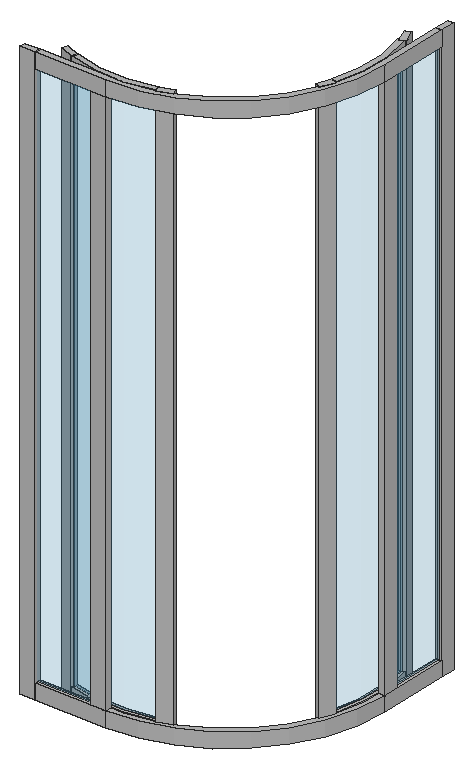
Revit family
Parameters (values of type "Ifö Solid, Clear glass, Aluminium profiles, 800mmx800mm")
  Width = 800.0 mm
  W1 = 289.7 mm
  Vertical Profile Width = 20.0 mm
  Vertical Profile Height = 50.0 mm
  VVS Number = "673863082"
  URL = "www.maxsibbern.dk"
  Reseller = "Max Sibbern A/S"
  Radius = 490.3 mm
  Profiles Top_Bottom = yes
  Profile Material = Ifö_Aluminium
  Pane Material = Ifö_Glass
  Pane Height = if(Profiles Top_Bottom, (Height - 100.0 mm), Height)  # 1850.0 mm
  Model = "IFO_Shower Corner, Round"
  Manufacturer = "Ifö"
  Ifö Number = "0607081"
  Height = 1950.0 mm
  Handles = no
  Frame Profie Width = 20.0 mm
  Frame Profie Height = 50.0 mm
  CE Labeling = "yes"
  Assembly Code = "D2010"
Types (5, lengths in mm): name | VVS Number | Profile Material | Pane Material | Ifö Number
  Ifö Solid, Clear glass, White profiles, 800mmx800mm | "673863080" | Ifö_White Aluminium | Ifö_Glass | "0607080"
  Ifö Solid, Clear glass, Aluminium profiles, 800mmx800mm | "673863082" | Ifö_Aluminium | Ifö_Glass | "0607081"
  Ifö Solid, Printed glass, White profiles, 800mmx800mm | "673863280" | Ifö_White Aluminium | Ifö_Printed Glass | "0607082"
  Ifö Solid, Printed glass, Aluminium profiles, 800mmx800mm | "673863282" | Ifö_Aluminium | Ifö_Printed Glass | "0607085"
  Ifö Solid, Toned glass, Aluminium profiles, 800mmx800mm | "673863482" | Ifö_Aluminium | Ifö_Toned Glass | "0607083"
Reference planes
  plane 1 "Center (Front/Back)": y = 0
  plane 2: z = 0
  plane 3 "Center (Left/Right)": x = 0
  plane 4: x = 800
  plane 5: y = -800
  plane 6: z = 1950
  plane 7: x = 50
  plane 8: y = -50
  plane 9: y = -790
  plane 10: y = -810
  plane 11: x = 790
  plane 12: x = 810
  plane 13: z = 50
  plane 14: z = 1900
  plane 15: x = 289.7
  plane 16: y = -289.7
  plane 17: x = 239.7
  plane 18: y = -239.7
  plane 19: y = -790
  plane 20: y = -810
  plane 21: x = 790
  plane 22: x = 810
  plane 23: y = -798
  plane 24: y = -802
  plane 25: x = 798
  plane 26: x = 802
  plane 27: x = 189.7
  plane 28: y = -189.7
  plane 29: y = -770
  plane 30: x = 770
  plane 31: y = -780
  plane 32: x = 780
  plane 33: z = 1900
  plane 34: z = 50
  plane 35: y = -790
  plane 36: y = -810
  plane 37: x = 790
  plane 38: x = 810
  plane 39: z = 975
  plane 40: z = 1900
  plane 41: z = 50
Forms (mm)
  Extrusion 1, solid, material "Ifö_Aluminium" <- "Profile Material"
    sketch origin (0, 0, 0) x (1, 0, 0) y (0, 1, 0)
      loop
        line (50, -790) -> (50, -810) -> (289.7, -810)
        arc (289.7, -810) -> (657.608, -657.608) -> (810, -289.7) r 520.3
        line (810, -289.7) -> (810, -50) -> (790, -50) -> (790, -289.7)
        arc (790, -289.7) -> (643.466, -643.466) -> (289.7, -790) r 500.3
        line (289.7, -790) -> (50, -790)
    from 0 to 50
  Extrusion 2, solid, material "Ifö_Aluminium" <- "Profile Material"
    sketch origin (1110, -1524, 1850) x (0, -1, 0) y (-1, 0, 0)
      loop
        line (-734, 1060) -> (-734, 820.3)
        arc (-734, 820.3) -> (-880.534, 466.534) -> (-1234.3, 320) r 500.3
        line (-1234.3, 320) -> (-1474, 320) -> (-1474, 300) -> (-1234.3, 300)
        arc (-1234.3, 300) -> (-866.392, 452.392) -> (-714, 820.3) r 520.3
        line (-714, 820.3) -> (-714, 1060) -> (-734, 1060)
    from -100 to -50
  Extrusion 3, solid, material "Ifö_Aluminium" <- "Profile Material"
    sketch origin (1110, -1524, 1850) x (0, -1, 0) y (-1, 0, 0)
      loop
        line (-734, 1110) -> (-734, 1060) -> (-714, 1060) -> (-714, 1110) -> (-734, 1110)
    from -100 to 1850
  Extrusion 4, solid, material "Ifö_Aluminium" <- "Profile Material"
    sketch origin (1110, -1524, 1850) x (0, -1, 0) y (-1, 0, 0)
      loop
        line (-1524, 300) -> (-1474, 300) -> (-1474, 320) -> (-1524, 320) -> (-1524, 300)
    from -100 to 1850
  Extrusion 5, solid, material "Ifö_Aluminium" <- "Profile Material"
    sketch origin (1110, -1524, 1850) x (0, -1, 0) y (-1, 0, 0)
      loop
        line (-734, 870.3) -> (-734, 820.3) -> (-714, 820.3) -> (-714, 870.3) -> (-734, 870.3)
    from -50 to 1800
  Extrusion 6, solid, material "Ifö_Aluminium" <- "Profile Material"
    sketch origin (1110, -1524, 1850) x (0, -1, 0) y (-1, 0, 0)
      loop
        line (-1284.3, 320) -> (-1284.3, 300) -> (-1234.3, 300) -> (-1234.3, 320) -> (-1284.3, 320)
    from -50 to 1800
  Extrusion 7, solid, material "Ifö_Glass" <- "Pane Material"
    sketch origin (0, 0, 0) x (1, 0, 0) y (0, 1, 0)
      loop
        line (50, -798) -> (50, -802) -> (239.7, -802) -> (239.7, -798) -> (50, -798)
    from 50 to 1900
  Extrusion 8, solid, material "Ifö_Glass" <- "Pane Material"
    sketch origin (0, 0, 0) x (1, 0, 0) y (0, 1, 0)
      loop
        line (802, -239.7) -> (802, -50) -> (798, -50) -> (798, -239.7) -> (802, -239.7)
    from 50 to 1900
  Extrusion 9, solid, material "Ifö_Aluminium" <- "Profile Material"
    sketch origin (0, 0, 0) x (1, 0, 0) y (0, 1, 0)
      loop
        line (98.054, -730.109) -> (90.073, -748.448) -> (135.921, -768.398) -> (143.901, -750.059) -> (98.054, -730.109)
    from 0 to 1950 <- "Height"
  Extrusion 10, solid, material "Ifö_Aluminium" <- "Profile Material"
    sketch origin (0, 0, 0) x (1, 0, 0) y (0, 1, 0)
      loop
        line (465.602, -736.63) -> (419.075, -754.942) -> (426.4, -773.552) -> (472.926, -755.241) -> (465.602, -736.63)
    from 0 to 1950 <- "Height"
  Sweep 11, solid, material "Ifö_Glass" <- "Pane Material"
    path origin (0, 0, 0) x (1, 0, 0) y (0, 1, 0)
      loop
        arc (141.016, -756.69) -> (281.021, -779.775) -> (421.774, -761.798) r 490.251
    profile origin (281.021, -779.775, 0) x (0.018191, 0.999835, 0) y (0, 0, 1)
      loop
        line (2, 50) -> (2, 1900) -> (-2, 1900) -> (-2, 50) -> (2, 50)
  Extrusion 12, solid, material "Ifö_Aluminium" <- "Profile Material"
    sketch origin (0, 0, 0) x (1, 0, 0) y (0, 1, 0)
      loop
        line (736.63, -113.798) -> (754.942, -160.325) -> (773.552, -153) -> (755.241, -106.474) -> (736.63, -113.798)
    from 0 to 1950 <- "Height"
  Extrusion 13, solid, material "Ifö_Aluminium" <- "Profile Material"
    sketch origin (0, 0, 0) x (1, 0, 0) y (0, 1, 0)
      loop
        line (730.109, -481.346) -> (748.448, -489.327) -> (768.398, -443.479) -> (750.059, -435.499) -> (730.109, -481.346)
    from 0 to 1950 <- "Height"
  Sweep 14, solid, material "Ifö_Glass" <- "Pane Material"
    path origin (0, 0, 0) x (1, 0, 0) y (0, 1, 0)
      loop
        arc (761.869, -157.598) -> (779.923, -298.398) -> (756.885, -438.469) r 490.3
    profile origin (779.923, -298.398, 0) x (0.999843, -0.017741, 0) y (0, 0, 1)
      loop
        line (2, 1900) -> (-2, 1900) -> (-2, 50) -> (2, 50) -> (2, 1900)
  Sweep 15, solid, material "Ifö_Aluminium" <- "Profile Material", visible <- "Profiles Top_Bottom"
    path origin (0, 0, 0) x (1, 0, 0) y (0, 1, 0)
      loop
        arc (140.951, -756.892) -> (281.009, -779.923) -> (421.794, -761.871) r 490.3
    profile origin (281.009, -779.923, 0) x (0.017727, 0.999843, 0) y (0, 0, 1)
      loop
        line (-10, 0) -> (10, 0) -> (10, 50) -> (-10, 50) -> (-10, 0)
  Sweep 16, solid, material "Ifö_Aluminium" <- "Profile Material", visible <- "Profiles Top_Bottom"
    path origin (0, 0, 0) x (1, 0, 0) y (0, 1, 0)
      loop
        arc (140.951, -756.892) -> (281.009, -779.923) -> (421.794, -761.871) r 490.3
    profile origin (281.009, -779.923, 0) x (0.017727, 0.999843, 0) y (0, 0, 1)
      loop
        line (-10, 1950) -> (-10, 1900) -> (10, 1900) -> (10, 1950) -> (-10, 1950)
  Sweep 17, solid, material "Ifö_Aluminium" <- "Profile Material", visible <- "Profiles Top_Bottom"
    path origin (0, 0, 0) x (1, 0, 0) y (0, 1, 0)
      loop
        arc (761.869, -157.598) -> (779.923, -298.398) -> (756.885, -438.469) r 490.3
    profile origin (779.923, -298.398, 0) x (0.999843, -0.017741, 0) y (0, 0, 1)
      loop
        line (10, 0) -> (10, 50) -> (-10, 50) -> (-10, 0) -> (10, 0)
  Sweep 18, solid, material "Ifö_Aluminium" <- "Profile Material", visible <- "Profiles Top_Bottom"
    path origin (0, 0, 0) x (1, 0, 0) y (0, 1, 0)
      loop
        arc (761.869, -157.598) -> (779.923, -298.398) -> (756.885, -438.469) r 490.3
    profile origin (779.923, -298.398, 0) x (0.999843, -0.017741, 0) y (0, 0, 1)
      loop
        line (10, 1950) -> (-10, 1950) -> (-10, 1900) -> (10, 1900) -> (10, 1950)
  Extrusion 19, solid, material "Ifö_Aluminium" <- "Profile Material", visible <- "Handles"
    sketch origin (370.483, -773.299, 0) x (0, 0, 1) y (-0.986333, -0.164763, 0)
      loop
        circle (975, 0) r 15
    from 0 to 20
  Extrusion 20, solid, material "Ifö_Aluminium" <- "Profile Material", visible <- "Handles"
    sketch origin (770.129, -387.589, 0) x (0, 0, 1) y (-0.199651, -0.979867, 0)
      loop
        circle (975, 0) r 15
    from 0 to 20
Lines and regions (mm)
  reference lines
    curve 1: arc (289.7, -800, 0) -> (650.537, -650.537, 0) -> (800, -289.7, 0) r 510.3
    curve 2: arc (289.7, -790, 0) -> (643.466, -643.466, 0) -> (790, -289.7, 0) r 500.3
    curve 3: arc (289.7, -810, 0) -> (657.608, -657.608, 0) -> (810, -289.7, 0) r 520.3
    curve 4: arc (94.064, -739.278, 0) -> (281.002, -779.923, 0) -> (469.264, -745.936, 0) r 490.3
    curve 5: arc (289.7, -780, 0) -> (636.394, -636.394, 0) -> (780, -289.7, 0) r 490.3
    curve 6: arc (745.936, -110.136, 0) -> (779.923, -298.398, 0) -> (739.278, -485.336, 0) r 490.3
    curve 7: line (289.7, -289.7, 0) -> (289.7, -289.7, 1950)
    curve 8: line (289.7, -289.7, 0) -> (94.064, -739.278, 0)
    curve 9: line (289.7, -289.7, 0) -> (469.264, -745.936, 0)
    curve 10: line (289.7, -289.7, 0) -> (739.278, -485.336, 0)
    curve 11: line (289.7, -289.7, 0) -> (745.936, -110.136, 0)
    curve 12: line (289.7, -289.7, 0) -> (370.483, -773.299, 0)
    curve 13: line (289.7, -289.7, 0) -> (770.129, -387.589, 0)
Dimensions and locks
  "Width": plane 3 "Center (Left/Right)" to plane 4
  "Width": plane 5 to plane 1 "Center (Front/Back)"
  "Height": plane 6 to level
  "Frame Profie Width": plane 9 to plane 10
  equal spacing: plane 9, plane 5, plane 10
  "Frame Profie Width": plane 11 to plane 12
  equal spacing: plane 11, plane 4, plane 12
  locked: plane 3 "Center (Left/Right)" to plane 7 at 50
  locked: plane 8 to plane 1 "Center (Front/Back)" at 50
  "Frame Profie Height": plane 6 to plane 14
  "Frame Profie Height": plane 13 to level
  "W1": plane 16 to plane 1 "Center (Front/Back)"
  "W1": plane 3 "Center (Left/Right)" to plane 15
  "Vertical Profile Height": plane 18 to plane 16
  "Vertical Profile Height": plane 17 to plane 15
  equal spacing: plane 19, plane 5, plane 20
  "Vertical Profile Width": plane 19 to plane 20
  "Vertical Profile Width": plane 21 to plane 22
  equal spacing: plane 21, plane 4, plane 22
  equal spacing: plane 24, plane 5, plane 23
  locked: plane 23 to plane 24 at 4
  equal spacing: plane 25, plane 4, plane 26
  locked: plane 25 to plane 26 at 4
  locked: plane 27 to plane 17 at 50
  locked: plane 28 to plane 18 at 50
  locked: plane 30 to plane 11 at 20
  locked: plane 29 to plane 9 at 20
  equal spacing: plane 30, plane 32, plane 11
  equal spacing: plane 29, plane 31, plane 9
  "Vertical Profile Width": Extrusion 9 sketch curve to Extrusion 9 sketch curve
  equal spacing: Extrusion 9 sketch curve, curve 8, Extrusion 9 sketch curve
  "Vertical Profile Height": Extrusion 9 sketch curve to Extrusion 9 sketch curve
  equal spacing: Extrusion 10 sketch curve, curve 9, Extrusion 10 sketch curve
  "Vertical Profile Width": Extrusion 10 sketch curve to Extrusion 10 sketch curve
  "Vertical Profile Height": Extrusion 10 sketch curve to curve 9
  equal spacing: Sweep 11 sketch curve, profile plane, Sweep 11 sketch curve
  locked: Sweep 11 sketch curve to Sweep 11 sketch curve at 4
  equal spacing: Extrusion 12 sketch curve, curve 11, Extrusion 12 sketch curve
  "Vertical Profile Width": Extrusion 12 sketch curve to Extrusion 12 sketch curve
  "Vertical Profile Height": Extrusion 12 sketch curve to Extrusion 12 sketch curve
  equal spacing: Extrusion 13 sketch curve, curve 10, Extrusion 13 sketch curve
  "Vertical Profile Width": Extrusion 13 sketch curve to Extrusion 13 sketch curve
  "Vertical Profile Height": Extrusion 13 sketch curve to Extrusion 13 sketch curve
  equal spacing: Sweep 14 sketch curve, profile plane, Sweep 14 sketch curve
  locked: Sweep 14 sketch curve to Sweep 14 sketch curve at 4
  Sweep 15 sketch curve to profile plane to Sweep 15 sketch curve = 10.0 mm locked, 10.0 mm locked
  locked: Sweep 15 sketch curve to profile plane at 50
  Sweep 16 sketch curve to profile plane to Sweep 16 sketch curve = 10.0 mm locked, 10.0 mm locked
  Sweep 17 sketch curve to profile plane to Sweep 17 sketch curve = 10.0 mm locked, 10.0 mm locked
  Sweep 18 sketch curve to profile plane to Sweep 18 sketch curve = 10.0 mm locked, 10.0 mm locked
  locked: plane 34 to level at 50
  locked: plane 6 to plane 33 at 50
  plane 36 to plane 5 to plane 35 = 10.0 mm locked, 10.0 mm locked
  plane 37 to plane 4 to plane 38 = 10.0 mm locked, 10.0 mm locked
  equal spacing: plane 6, plane 39, level
  equal spacing: plane 40, plane 39, plane 41
  "Pane Height": plane 40 to plane 41
  "Radius": radius of curve 4
  "Radius": radius of curve 5
  "Radius": radius of curve 6
  locked: curve 4 to curve 4 (angle 45.00°)
  locked: curve 6 to curve 6 (angle 45.00°)
  locked: curve 12 to curve 9 (angle 12.00°)
  locked: curve 10 to curve 13 (angle 12.00°)
  aligned and locked: level to plane 2
  aligned and locked: Extrusion 1 sketch curve to plane 9
  aligned and locked: Extrusion 1 sketch curve to curve 2
  aligned and locked: Extrusion 1 sketch curve to curve 3
  aligned and locked: Extrusion 1 sketch curve to plane 12
  aligned and locked: Extrusion 1 sketch curve to plane 7
  aligned and locked: plane 8 to Extrusion 1 sketch curve
  aligned and locked: Extrusion 1 to level
  aligned and locked: plane 13 to Extrusion 1
  aligned and locked: Extrusion 2 sketch curve to plane 7
  aligned and locked: plane 9 to Extrusion 2 sketch curve
  aligned and locked: plane 8 to Extrusion 2 sketch curve
  aligned and locked: plane 12 to Extrusion 2 sketch curve
  aligned and locked: Extrusion 2 sketch curve to curve 3
  aligned and locked: Extrusion 2 sketch curve to curve 2
  aligned and locked: plane 6 to Extrusion 2
  aligned and locked: plane 14 to Extrusion 2
  aligned and locked: plane 3 "Center (Left/Right)" to Extrusion 3 sketch curve
  aligned and locked: Extrusion 3 sketch curve to plane 7
  aligned and locked: Extrusion 3 to level
  aligned and locked: plane 6 to Extrusion 3
  aligned and locked: plane 1 "Center (Front/Back)" to Extrusion 4 sketch curve
  aligned and locked: plane 8 to Extrusion 4 sketch curve
  aligned and locked: Extrusion 4 to level
  aligned and locked: plane 6 to Extrusion 4
  aligned and locked: plane 19 to Extrusion 5 sketch curve
  aligned and locked: plane 17 to Extrusion 5 sketch curve
  aligned and locked: plane 20 to Extrusion 5 sketch curve
  aligned and locked: plane 15 to Extrusion 5 sketch curve
  aligned and locked: Extrusion 5 to plane 14
  aligned and locked: Extrusion 5 to plane 13
  aligned and locked: plane 18 to Extrusion 6 sketch curve
  aligned and locked: plane 21 to Extrusion 6 sketch curve
  aligned and locked: Extrusion 6 sketch curve to plane 16
  aligned and locked: plane 22 to Extrusion 6 sketch curve
  aligned and locked: Extrusion 6 to plane 14
  aligned and locked: Extrusion 6 to plane 13
  aligned and locked: Extrusion 7 sketch curve to plane 23
  aligned and locked: Extrusion 7 sketch curve to plane 24
  aligned and locked: Extrusion 7 sketch curve to plane 7
  aligned and locked: Extrusion 7 sketch curve to plane 17
  aligned and locked: Extrusion 7 to plane 13
  aligned and locked: Extrusion 7 to plane 14
  aligned and locked: plane 26 to Extrusion 8 sketch curve
  aligned and locked: plane 25 to Extrusion 8 sketch curve
  aligned and locked: plane 8 to Extrusion 8 sketch curve
  aligned and locked: Extrusion 8 sketch curve to plane 18
  aligned and locked: Extrusion 8 to plane 13
  aligned and locked: Extrusion 8 to plane 14
  aligned and locked: plane 15 to curve 8
  aligned and locked: curve 8 to Extrusion 9 sketch curve
  aligned and locked: curve 9 to Extrusion 10 sketch curve
  aligned and locked: Extrusion 10 to Sweep 11 sketch curve
  aligned and locked: Extrusion 9 to Sweep 11 sketch curve
  aligned and locked: curve 11 to Extrusion 12 sketch curve
  aligned and locked: curve 10 to Extrusion 13 sketch curve
  aligned and locked: Sweep 14 sketch curve to curve 6
  aligned and locked: Extrusion 12 to Sweep 14 sketch curve
  aligned and locked: Extrusion 13 to Sweep 14 sketch curve
  aligned and locked: Sweep 15 sketch curve to curve 4
  aligned and locked: Sweep 11 to Sweep 15 sketch curve  (x2)
  aligned and locked: Sweep 15 sketch curve to Extrusion 10
  aligned and locked: Sweep 16 sketch curve to curve 4
  aligned and locked: Sweep 15 to Sweep 16 sketch curve
  aligned and locked: Sweep 11 to Sweep 16 sketch curve
  aligned and locked: Sweep 16 sketch curve to plane 6
  aligned and locked: Sweep 17 sketch curve to curve 6
  aligned and locked: Sweep 14 to Sweep 17 sketch curve  (x2)
  aligned and locked: level to Sweep 17 sketch curve
  aligned and locked: Sweep 18 sketch curve to curve 6
  aligned and locked: Sweep 14 to Sweep 18 sketch curve  (x2)
  aligned and locked: plane 6 to Sweep 18 sketch curve
  aligned and locked: Sweep 16 sketch curve to plane 33
  aligned and locked: plane 33 to Sweep 18 sketch curve
  aligned and locked: plane 34 to Sweep 17 sketch curve
  aligned and locked: Extrusion 3 sketch curve to plane 35
  aligned and locked: Extrusion 3 sketch curve to plane 36
  aligned and locked: Extrusion 4 sketch curve to plane 37
  aligned and locked: Extrusion 4 sketch curve to plane 38
  aligned and locked: plane 39 to Extrusion 19 sketch curve
  aligned and locked: plane 39 to Extrusion 20 sketch curve
  aligned and locked: Sweep 14 sketch curve to plane 40
  aligned and locked: Sweep 14 sketch curve to plane 41
  aligned and locked: Sweep 11 sketch curve to plane 40
  aligned and locked: plane 41 to Sweep 11 sketch curve
Automatic sketch dimensions
  curve 7 to plane 6 = 0.0 mm
  curve 7 to plane 15 = 0.0 mm
  curve 7 to level = 0.0 mm
  plane 29 to Sweep 11 sketch curve = 13.31 mm
  plane 16 to Sweep 11 sketch curve = 0.095 mm
  plane 15 to Sweep 11 sketch curve = 0.24 mm
  curve 1 to curve 2 = 0.0 mm  (x2)
  curve 1 to curve 3 = 0.0 mm  (x2)
  curve 1 to curve 4 = 0.0 mm  (x2)
  curve 1 to curve 5 = 0.0 mm  (x2)
  curve 1 to curve 6 = 0.0 mm
  curve 5 to curve 6 = 0.0 mm
  curve 2 to plane 15 = 0.0 mm
  curve 2 to plane 11 = 0.0 mm
  curve 1 to plane 4 = 0.0 mm
  curve 3 to plane 12 = 0.0 mm
  plane 10 to curve 3 = 0.0 mm
  curve 13 to plane 16 = 0.0 mm
  plane 29 to curve 4 = 30.722 mm
  plane 30 to curve 10 = 30.722 mm
  radius of Extrusion 19 sketch curve = 15.0 mm
  radius of Extrusion 20 sketch curve = 15.0 mm
